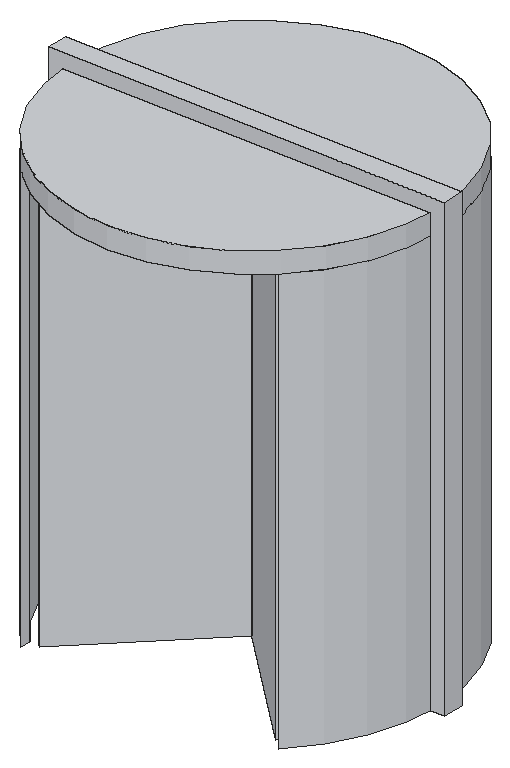
Revit family "DR_4RE_Revolving Door", category Doors, Revit 2021
Family settings
  Work Plane-Based = No
  Always vertical = Yes
  Cut with Voids When Loaded = No
  Shared = No
  Room Calculation Point = Yes
Parameters (values of type "D260")
  bla = 3
  Width = 0 mm  # constant formula
  Thickness = 0 mm  # constant formula
  TX_TypeCode = "4RE"
  TX_Host = ""
  Rough Width = 0 mm  # constant formula
  Rough Height = 0 mm  # constant formula
  MA_Panel = none
  MA_Frame = none
  Function = Exterior
  Description = "Porta girevole a quattro ante."
  DI_Width_Rough = DI_Width + (DI_Frame_Width * 2)  # 2800 mm
  DI_Width_Clear = DI_Width * 0.7  # 1820 mm
  DI_Thickness = 50 mm
  DI_Panel_Width = (DI_Diameter_ID / 2) - 50 mm  # 1200 mm
  DI_Hinge_Diameter = 150 mm
  DI_Height_Rough = DI_Height + DI_Ceiling_Thickness + DI_Frame_Width  # 3250 mm
  DI_Height_Clear = DI_Height  # 3000 mm
  DI_Frame_Width = 100 mm
  DI_Frame_Thickness = 150 mm
  DI_Diameter_ID = DI_Diameter - (DI_Thickness * 2)  # 2500 mm
  Height = 0 mm  # constant formula
  Define Thermal Properties by = Schematic Type
  Default Elevation = 0 mm
  DI_Width = DI_Diameter  # 2600 mm
  DI_Panel_Thickness = 40 mm
  DI_Height = 3000 mm
  DI_Diameter = 2600 mm
  DI_Ceiling_Thickness = 150 mm
  Analytic Construction = "<None>"
Reference planes
  plane 1 "Center (Front/Back)": y = 0
  plane 2: z = 0
  plane 3 "Center (Left/Right)": x = 0
  plane 4 "Diameter Right Side": x = 1300
  plane 5: x = 910
  plane 6: x = -910
  plane 7 "Diameter Left Side": x = -1300
  plane 8: z = 3150
  plane 9: z = 3000
  plane 10 "Frame Right Side": x = 1400
  plane 11: z = 3250
  plane 12 "Center L/S": x = -1400
  plane 13: z = 1575
  plane 14: x = -810
  plane 15: x = 810
Forms (mm)
  Extrusion 1, solid, material <- "MA_Panel"
    sketch origin (0, 0, 0) x (1, 0, 0) y (0, 1, 0)
      loop
        circle (0, 0) r 1250
      loop
        circle (0, 0) r 1300
    from 0 to 3000
  Extrusion 2, void
    sketch origin (0, 0, 0) x (1, 0, 0) y (0, 1, 0)
      loop
        line (-910, 2730.068) -> (-910, -2862.444) -> (910, -2862.444) -> (910, 2730.068) -> (-910, 2730.068)
    from 0 to 3000
  Extrusion 3, solid
    sketch origin (0, 0, 0) x (1, 0, 0) y (0, 1, 0)
      loop
        circle (0, 0) r 1300
    from 3150 to 3000
Cuts and joins
  Extrusion 2 cuts Extrusion 1
Lines and regions (mm)
  Masking region 1
    outline origin (0, 0, 0) x (1, 0, 0) y (0, 1, 0)
      loop
        arc (904.988, -933.272) -> (1300, 0) -> (904.988, 933.272) r 1300
        line (904.988, 933.272) -> (869.628, 897.912)
        arc (869.628, 897.912) -> (1250, 0) -> (869.628, -897.912) r 1250
        line (869.628, -897.912) -> (904.988, -933.272)
  Masking region 2
    outline origin (0, 0, 0) x (0, 1, 0) y (-1, 0, 0)
      loop
        line (-933.272, 904.988) -> (-897.912, 869.628)
        arc (-897.912, 869.628) -> (0, 1250) -> (897.912, 869.628) r 1250
        line (897.912, 869.628) -> (933.272, 904.988)
        arc (933.272, 904.988) -> (0, 1300) -> (-933.272, 904.988) r 1300
  symbolic lines, style "DoorsOpeningProjection"
    curve 1: arc (910, -928.386, 0) -> (0, -1300, 0) -> (-910, -928.386, 0) r 1300
    curve 2: arc (-910, 928.386, 0) -> (0, 1300, 0) -> (910, 928.386, 0) r 1300
  symbolic lines, style "DoorsHiddenLines"
    curve 3: arc (500, 769.932, 0) -> (0, 918.039, 0) -> (-500, 769.932, 0) r 918.039
    curve 4: arc (-500, -769.932, 0) -> (0, -918.039, 0) -> (500, -769.932, 0) r 918.039
    curve 5: line (-500, 769.932, 0) -> (-420, 908.497, 0)
    curve 6: line (-500, 769.932, 0) -> (-340, 769.932, 0)
    curve 7: line (500, -769.932, 0) -> (420, -908.497, 0)
    curve 8: line (500, -769.932, 0) -> (340, -769.932, 0)
    curve 15: line (810, 0, 1575) -> (-810, 0, 1575)
    curve 16: line (810, 0, 1575) -> (671.436, 0, 1655)
    curve 17: line (810, 0, 1575) -> (671.436, 0, 1495)
    curve 18: line (810, 0, 1575) -> (-810, 0, 1575)
    curve 19: line (810, 0, 1575) -> (671.436, 0, 1655)
    curve 20: line (810, 0, 1575) -> (671.436, 0, 1495)
  symbolic lines, style "DoorsHiddenLines", not visible
    curve 9: arc (500, 769.932, 0) -> (0, 918.039, 0) -> (-500, 769.932, 0) r 918.039
    curve 10: line (-500, 769.932, 0) -> (-420, 908.497, 0)
    curve 11: line (-500, 769.932, 0) -> (-340, 769.932, 0)
    curve 12: arc (-500, -769.932, 0) -> (0, -918.039, 0) -> (500, -769.932, 0) r 918.039
    curve 13: line (500, -769.932, 0) -> (420, -908.497, 0)
    curve 14: line (500, -769.932, 0) -> (340, -769.932, 0)
Dimensions and locks
  equal spacing: plane 6, plane 3 "Center (Left/Right)", plane 5
  "DI_Width_Clear": plane 6 to plane 5
  equal spacing: plane 7 "Diameter Left Side", plane 3 "Center (Left/Right)", plane 4 "Diameter Right Side"
  "DI_Width": plane 7 "Diameter Left Side" to plane 4 "Diameter Right Side"
  "DI_Height": plane 2 to plane 9
  "DI_Ceiling_Thickness": plane 9 to plane 8
  "DI_Frame_Width": plane 4 "Diameter Right Side" to plane 10 "Frame Right Side"
  "DI_Height_Rough": plane 2 to plane 11
  "DI_Frame_Width": plane 12 "Center L/S" to plane 7 "Diameter Left Side"
  equal spacing: plane 2, plane 13, plane 8
  locked: plane 14 to plane 6 at 100
  locked: plane 15 to plane 5 at 100
  "DI_Diameter_ID": diameter of Extrusion 1 sketch curve
  "DI_Diameter": diameter of Extrusion 1 sketch curve
  "DI_Diameter": diameter of Extrusion 3 sketch curve
  "DI_Diameter": diameter of Masking region 1 sketch curve
  "DI_Diameter_ID": diameter of Masking region 1 sketch curve
  "DI_Diameter": diameter of Masking region 2 sketch curve
  "DI_Diameter_ID": diameter of Masking region 2 sketch curve
  aligned and locked: plane 2 to level
  aligned and locked: Extrusion 3 to plane 8
  aligned and locked: Extrusion 2 to plane 9
  aligned and locked: Extrusion 2 to plane 6
  aligned and locked: Extrusion 2 to plane 5
  aligned and locked: plane 9 to Extrusion 3
  aligned and locked: cut or joined group of Extrusion 1, Extrusion 2 to plane 9
  aligned and locked: plane 1 "Center (Front/Back)" to Masking region 1 sketch curve  (x2)
  aligned and locked: plane 3 "Center (Left/Right)" to Masking region 1 sketch curve  (x2)
  aligned and locked: plane 3 "Center (Left/Right)" to Masking region 2 sketch curve  (x2)
  aligned and locked: plane 1 "Center (Front/Back)" to Masking region 2 sketch curve  (x2)
  aligned and locked: plane 3 "Center (Left/Right)" to nested 2
  aligned and locked: plane 1 "Center (Front/Back)" to nested 2
  aligned and locked: curve 1 to cut or joined group of Extrusion 1, Extrusion 2
  aligned and locked: curve 2 to cut or joined group of Extrusion 1, Extrusion 2
  aligned and locked: plane 15 to curve 16
  aligned and locked: nested 5 to Masking region 2 sketch curve
  aligned and locked: Masking region 2 sketch curve to nested 1
  aligned and locked: nested 4 to Masking region 1 sketch curve
  aligned and locked: Masking region 1 sketch curve to nested 3
Automatic sketch dimensions
  Extrusion 1 sketch curve to Extrusion 1 sketch curve = 0 mm  (x2)
  plane 1 "Center (Front/Back)" to Extrusion 1 sketch curve = 0 mm
  Extrusion 1 sketch curve to plane 3 "Center (Left/Right)" = 0 mm
  plane 1 "Center (Front/Back)" to Extrusion 3 sketch curve = 0 mm
  Extrusion 3 sketch curve to plane 3 "Center (Left/Right)" = 0 mm
  curve 6 to curve 3 = 500 mm
  curve 3 to curve 5 = 769.932 mm
  curve 4 to curve 3 = 500 mm
  curve 3 to curve 5 = 80 mm
  curve 3 to curve 6 = 160 mm
  curve 3 to curve 4 = 500 mm
  curve 6 to curve 3 = 840 mm
  curve 4 to curve 3 = 769.932 mm
  curve 3 to curve 5 = 138.564 mm
  curve 7 to curve 4 = 80 mm
  curve 7 to curve 7 = 138.564 mm
  curve 3 to curve 4 = 0 mm  (x4)
  curve 8 to curve 7 = 160 mm
  curve 11 to curve 9 = 500 mm
  curve 9 to curve 10 = 769.932 mm
  curve 12 to curve 9 = 500 mm
  curve 9 to curve 10 = 80 mm
  curve 9 to curve 11 = 160 mm
  curve 9 to curve 12 = 500 mm
  curve 11 to curve 9 = 840 mm
  curve 12 to curve 9 = 769.932 mm
  curve 9 to curve 10 = 138.564 mm
  curve 13 to curve 12 = 80 mm
  curve 13 to curve 13 = 138.564 mm
  curve 9 to curve 12 = 0 mm  (x4)
  curve 14 to curve 13 = 160 mm
  plane 15 to curve 17 = 138.564 mm
  plane 15 to curve 16 = 138.564 mm
  plane 13 to curve 17 = 80 mm
  curve 16 to plane 13 = 80 mm
  Extrusion 2 sketch curve to plane 6 = 0 mm
  Extrusion 2 sketch curve to plane 5 = 0 mm
  plane 1 "Center (Front/Back)" to Extrusion 2 sketch curve = 2862.444 mm
  Extrusion 2 sketch curve to plane 1 "Center (Front/Back)" = 2730.068 mm
  curve 15 to plane 13 = 0 mm
  curve 15 to plane 14 = 0 mm
  curve 18 to plane 14 = 0 mm
  curve 20 to curve 17 = 0 mm  (x2)
  curve 19 to curve 16 = 0 mm  (x2)
  curve 2 to plane 6 = 0 mm
  curve 1 to plane 6 = 0 mm
  curve 1 to plane 5 = 0 mm
  curve 2 to plane 5 = 0 mm
Nested families
  nested 1: "DR.PN_Revolving Panel" at (0, 0, 0) x (0.7071, 0.7071, 0) z (0, 0, 1), MA_Panel <- "MA_Panel", DI_Panel_Height <- "DI_Height_Clear", DI_Panel_Width <- "DI_Panel_Width", DI_Panel_Thickness <- "DI_Panel_Thickness", type "DR.PN_Revolving Door Panel"
    with MA_Panel none, DI_Panel_Width 1200 mm, DI_Panel_Thickness 40 mm, DI_Panel_Height 3000 mm
  nested 2: "DR.FR_Generic Frame" at (0, 0, 0), DI_Frame_Thickness <- "DI_Frame_Thickness", DI_Frame_Width <- "DI_Frame_Width", DI_Width <- "DI_Width_Rough", DI_Height <- "DI_Height_Rough", type "0"
    with Width 0 mm, Thickness 0 mm, MA_Frame none, Height 0 mm, DI_Width 2800 mm, DI_Height 3250 mm, DI_Frame_Width 100 mm, DI_Frame_Thickness 150 mm
  nested 3: "DR.PN_Revolving Panel" at (0, 0, 0) x (0.7071, -0.7071, 0) z (0, 0, 1), MA_Panel <- "MA_Panel", DI_Panel_Height <- "DI_Height_Clear", DI_Panel_Width <- "DI_Panel_Width", DI_Panel_Thickness <- "DI_Panel_Thickness", type "DR.PN_Revolving Door Panel"
    with MA_Panel none, DI_Panel_Width 1200 mm, DI_Panel_Thickness 40 mm, DI_Panel_Height 3000 mm
  nested 4: "DR.PN_Revolving Panel" at (0, 0, 0) x (-0.7071, -0.7071, 0) z (0, 0, 1), MA_Panel <- "MA_Panel", DI_Panel_Height <- "DI_Height_Clear", DI_Panel_Width <- "DI_Panel_Width", DI_Panel_Thickness <- "DI_Panel_Thickness", type "DR.PN_Revolving Door Panel"
    with MA_Panel none, DI_Panel_Width 1200 mm, DI_Panel_Thickness 40 mm, DI_Panel_Height 3000 mm
  nested 5: "DR.PN_Revolving Panel" at (0, 0, 0) x (-0.7071, 0.7071, 0) z (0, 0, 1), MA_Panel <- "MA_Panel", DI_Panel_Height <- "DI_Height_Clear", DI_Panel_Width <- "DI_Panel_Width", DI_Panel_Thickness <- "DI_Panel_Thickness", type "DR.PN_Revolving Door Panel"
    with MA_Panel none, DI_Panel_Width 1200 mm, DI_Panel_Thickness 40 mm, DI_Panel_Height 3000 mm
Definition of nested family "DR.PN_Revolving Panel"
  Parameters (values of type "DR.PN_Revolving Panel")
    Width = 0 mm  # constant formula
    Thickness = 0 mm  # constant formula
    MA_Panel [instance] = none
    Height = 0 mm  # constant formula
    Define Thermal Properties by = 1
    Default Elevation = 0 mm
    DI_Panel_Width [instance] = 1374.572 mm
    DI_Panel_Thickness [instance] = 50 mm
    DI_Panel_Height [instance] = 1607.7 mm
    Analytic Construction = "<None>"
  Reference planes
    plane 1 "Center (Front/Back)": y = 0
    plane 2: z = 0
    plane 3 "Center (Left/Right)": x = 0
    plane 4: x = -25
    plane 5: x = 25
    plane 6: y = 1374.572
    plane 7: z = 1607.7
  Forms (mm)
    Extrusion 1, solid, material <- "MA_Panel"
      sketch origin (0, 0, 0) x (1, 0, 0) y (0, 1, 0)
        loop
          line (25, 1374.572) -> (-25, 1374.572) -> (-25, 25) -> (0, 0) -> (25, 25) -> (25, 1374.572)
      from 0 to 1607.7
  Lines and regions (mm)
    Masking region 1
      outline origin (0, 0, 0) x (1, 0, 0) y (0, 1, 0)
        loop
          line (25, 1374.572) -> (-25, 1374.572) -> (-25, 25) -> (0, 0) -> (25, 25) -> (25, 1374.572)
    reference lines
      curve 1: line (0, 0, 0) -> (452.548, 452.548, 0)
      curve 2: line (0, 0, 0) -> (-452.548, 452.548, 0)
  Dimensions and locks
    "DI_Panel_Thickness": plane 4 to plane 5
    "DI_Panel_Width": plane 6 to plane 1 "Center (Front/Back)"
    equal spacing: plane 4, plane 3 "Center (Left/Right)", plane 5
    "DI_Panel_Height": plane 7 to plane 2
    locked: plane 3 "Center (Left/Right)" to curve 1 (angle 135.00°)
    locked: curve 2 to plane 3 "Center (Left/Right)" (angle 135.00°)
    aligned and locked: level to plane 2
    aligned and locked: plane 5 to Extrusion 1 sketch curve
    aligned and locked: Extrusion 1 sketch curve to plane 4
    aligned and locked: plane 6 to Extrusion 1 sketch curve
    aligned and locked: Extrusion 1 sketch curve to curve 1
    aligned and locked: plane 7 to Extrusion 1
    aligned and locked: Masking region 1 sketch curve to plane 5
    aligned and locked: Masking region 1 sketch curve to plane 6
    aligned and locked: Masking region 1 sketch curve to plane 4
    aligned and locked: Masking region 1 sketch curve to curve 1
    aligned and locked: Masking region 1 sketch curve to curve 2
    aligned and locked: Extrusion 1 sketch curve to curve 2
  Automatic sketch dimensions
    plane 1 "Center (Front/Back)" to curve 2 = 0 mm
    curve 2 to plane 3 "Center (Left/Right)" = 0 mm
Definition of nested family "DR.FR_Generic Frame"
  Parameters (values of type "0")
    Width [instance] = 0 mm  # constant formula
    Thickness [instance] = 0 mm  # constant formula
    MA_Frame [instance] = none
    Height [instance] = 0 mm  # constant formula
    Define Thermal Properties by = 1
    Default Elevation = 0 mm
    DI_Width [instance] = 1200 mm
    DI_Height [instance] = 2100 mm
    DI_Frame_Width [instance] = 80 mm
    DI_Frame_Thickness [instance] = 150 mm
    Analytic Construction = "<None>"
  Reference planes
    plane 1 "Center (Front/Back)": y = 0
    plane 2: z = 0
    plane 3 "Center (Left/Right)": x = 0
    plane 4 "Left": x = -600
    plane 5 "Right": x = 600
    plane 6 "FrontFrame": y = -75
    plane 7 "Top": z = 2100
    plane 8: z = 1050
    plane 9: x = -520
    plane 10: x = 520
    plane 11 "BackFrame": y = 75
  Forms (mm)
    Sweep 1, solid, material <- "MA_Frame"
      path origin (0, -75, 0) x (-1, 0, 0) y (0, 0, 1)
        loop
          line (600, 0) -> (600, 2100) -> (-600, 2100) -> (-600, 0)
      profile origin (-600, -75, 1050) x (1, 0, 0) y (0, 1, 0)
        loop
          line (80, 150) -> (0, 150) -> (0, 0) -> (80, 0) -> (80, 150)
  Lines and regions (mm)
    Masking region 1
      outline origin (0, 0, 0) x (1, 0, 0) y (0, 1, 0)
        loop
          line (-600, -75) -> (-520, -75) -> (-520, 75) -> (-600, 75) -> (-600, -75)
    Masking region 2
      outline origin (0, 0, 0) x (1, 0, 0) y (0, 1, 0)
        loop
          line (600, -75) -> (600, 75) -> (520, 75) -> (520, -75) -> (600, -75)
  Dimensions and locks
    "DI_Width": plane 4 "Left" to plane 5 "Right"
    equal spacing: plane 4 "Left", plane 3 "Center (Left/Right)", plane 5 "Right"
    "DI_Frame_Thickness": plane 6 "FrontFrame" to plane 11 "BackFrame"
    "DI_Height": plane 7 "Top" to plane 2
    equal spacing: plane 7 "Top", plane 8, plane 2
    "DI_Frame_Width": plane 4 "Left" to plane 9
    "DI_Frame_Width": plane 10 to plane 5 "Right"
    equal spacing: plane 6 "FrontFrame", plane 1 "Center (Front/Back)", plane 11 "BackFrame"
    aligned and locked: level to plane 2
    aligned and locked: plane 4 "Left" to Sweep 1 sketch curve
    aligned and locked: plane 7 "Top" to Sweep 1 sketch curve
    aligned and locked: Sweep 1 sketch curve to plane 5 "Right"
    aligned and locked: plane 2 to Sweep 1 sketch curve  (x2)
    aligned and locked: Sweep 1 sketch curve to plane 9
    aligned and locked: Sweep 1 sketch curve to plane 6 "FrontFrame"
    aligned and locked: Sweep 1 sketch curve to plane 4 "Left"
    aligned and locked: Masking region 1 sketch curve to plane 4 "Left"
    aligned and locked: Masking region 1 sketch curve to plane 9
    aligned and locked: Masking region 1 sketch curve to plane 6 "FrontFrame"
    aligned and locked: plane 5 "Right" to Masking region 2 sketch curve
    aligned and locked: Masking region 2 sketch curve to plane 10
    aligned and locked: Masking region 2 sketch curve to plane 6 "FrontFrame"
    aligned and locked: plane 11 "BackFrame" to Masking region 1
    aligned and locked: plane 11 "BackFrame" to Masking region 2
    aligned and locked: plane 11 "BackFrame" to Sweep 1 sketch curve
  Automatic sketch dimensions
    Masking region 1 sketch curve to plane 1 "Center (Front/Back)" = 75 mm
    Masking region 2 sketch curve to plane 1 "Center (Front/Back)" = 75 mm
